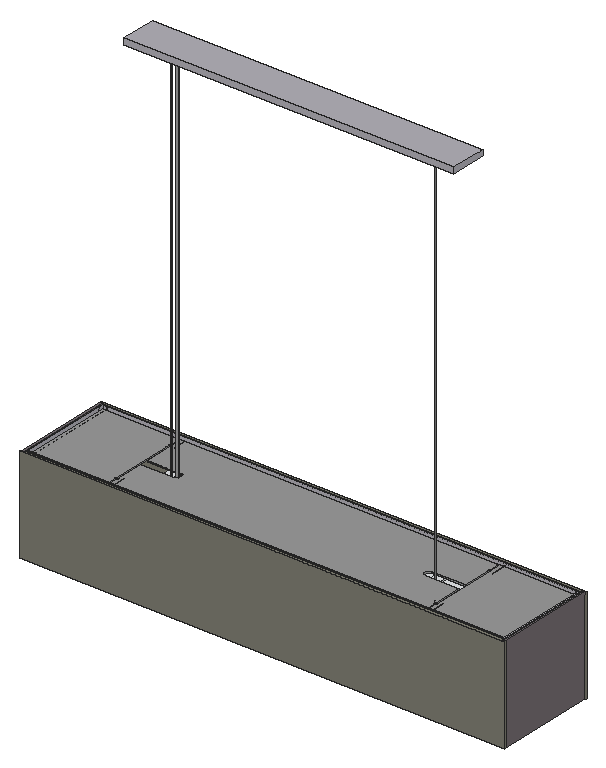
Revit family "Lighting - Lumetta - Pendant - P1260A", category Lighting Fixtures, host Ceiling, Revit 2015
Parameters
  Wattage = 12.1178 W
  built-in parameter 1150110 = 1 (stored number, unit not read)
  URL = "https://lumetta.com/luminaires/linear-acoustic-streamline-60-pendant/"
  built-in parameter 1114217 = 1 (stored number, unit not read)
  Top Lens-Material [instance] = Acrylic - 2447 - White
  Top Lens [instance] = yes
  built-in parameter 1150109 = 1 (stored number, unit not read)
  built-in parameter 1150134 = (empty or 0)
  Suspension [instance] = 1
  built-in parameter 1150113 = 1 (stored number, unit not read)
  P1260AURL [instance] = "https://lumetta.com/luminaires/linear-acoustic-streamline-60-pendant/"
  P1260A [instance] = no
  Model = "P1260A"  # constant formula
  Manufacturer = "Lumetta, Inc."  # constant formula
  Lumens = 1800 lm
  built-in parameter 1150115 = 1 (stored number, unit not read)
  built-in parameter 1150105 = 143.24 (stored number, unit not read)
  Light Source Symbol Size = 0' - 1"
  built-in parameter 1150137 = (empty or 0)
  built-in parameter 1150139 = (empty or 0)
  built-in parameter 1150112 = 1 (stored number, unit not read)
  built-in parameter 1150114 = 1 (stored number, unit not read)
  built-in parameter 1150132 = 2
  built-in parameter 1150102 = (empty or 0)
  built-in parameter 1150138 = (empty or 0)
  built-in parameter 1150107 = 3000 (stored number, unit not read)
  built-in parameter 1150106 = 1.4324 (stored number, unit not read)
  Frame Finish [instance] = Paint - Lumetta - F02 - PC_Chrome
  Fixture Drop [instance] = 4' - 0"
  Emit from Line Length = 2' - 10"
  built-in parameter 1150104 = 13.8 (stored number, unit not read)
  Dimming Lamp Color Temperature Shift = (empty or 0)
  Diffuser Material-Shade 2 [instance] = Shade - Lumetta - D810-AC-Purple
  Diffuser Material-Shade 1 [instance] = Shade - Lumetta - D815-AC-Pear
  Description = "Linear Acoustic Streamline 60'' Pendant"  # constant formula
  Coupling-Stems over 60 inches [instance] = and([2 Stems], Fixture Drop > 5' 0")  # no
  Cord Color [instance] = Cord, Black
  Cone Nut-STD-2-3Wire [instance] = Suspension = 1  # yes
  Color Filter = 16777215
  Bushing-LED-4Wire [instance] = Suspension = 2  # no
  Bottom Lens-Material [instance] = Acrylic - P95 - Etched White
  Bottom Lens [instance] = yes
  built-in parameter 1114218 = 1 (stored number, unit not read)
  built-in parameter 1150133 = 10 (stored number, unit not read)
  2 Stems [instance] = Suspension = 3  # no
  1CRD-2CBL-LED-4Wire [instance] = or(Suspension = 1, Suspension = 2)  # yes
  1 CRD-2CBL-STD [instance] = or(Suspension = 1, Suspension = 2)  # yes
Reference planes (in)
  plane 1 "Light Source Axis (F/B)": y = 0
  plane 2 "Ceiling": z = 96.01773
  plane 3 "Light Source Axis (L/R)": x = 0
  plane 4 "Light Source Elevation": z = 45.39273
  plane 5 "Fixture-Top": z = 48.01773
  plane 6 "Fixture-Height-DIFF-DIFI": z = 36.01773
  plane 7 "Left-Wrap": x = -20
  plane 8 "Right-Wrap": x = 20
  plane 9 "Lamping Start": z = 47.38052
  plane 10 "Left Stem": x = -17.25
  plane 11 "Right Stem": x = 17.25
  plane 12: x = -15.75
  plane 13: x = 15.75
  plane 14 "Right XBar": x = 20
  plane 15 "Left XBar": x = -20
  plane 16 "Left Cable": x = -16.5
  plane 17 "Right Cable": x = 16.5
  plane 18 "Frame Length-Left": x = -30
  plane 19 "Frame Length-Right": x = 30
  plane 20 "Frame Width-TOP": y = 6
  plane 21 "Frame Width-BTM": y = -6
  plane 22 "Outer Frame-Left": x = -42
  plane 23 "Outer Frame-Right": x = 42
  plane 24 "Outer Frame-Top": y = 18
  plane 25 "Outer Frame-BTM": y = -18
Forms (in)
  Extrusion 1, solid, material "Paint - Lumetta - F02 - PC_Chrome" <- "Frame Finish"
    sketch origin (0, 0, 96.01773) x (1, 0, 0) y (0, 1, 0)
      loop
        line (-20.625, -2.25) -> (20.625, -2.25) -> (20.625, 2.25) -> (-20.625, 2.25) -> (-20.625, -2.25)
    from 0 to -0.75
  Extrusion 2, solid, material "Paint - Lumetta - F02 - PC_Chrome" <- "Frame Finish"
    sketch origin (0, 0, 48.01773) x (0, -1, 0) y (1, 0, 0)
      loop
        line (-6, -30) -> (6, -30) -> (6, 30) -> (-6, 30) -> (-6, -30)
      loop
        line (-5.5, -29.5) -> (5.5, -29.5) -> (5.5, 29.5) -> (-5.5, 29.5) -> (-5.5, -29.5)
    from 0 to -0.63721
  Extrusion 3, void
    sketch origin (0, 0, 48.01773) x (0, -1, 0) y (1, 0, 0)
      loop
        line (-5.875, -29.875) -> (5.875, -29.875) -> (5.875, 29.875) -> (-5.875, 29.875) -> (-5.875, -29.875)
      loop
        line (-5.5, -29.375) -> (5.5, -29.375) -> (5.5, 29.375) -> (-5.5, 29.375) -> (-5.5, -29.375)
    from 0 to -0.51221
  Extrusion 4, solid, material "Paint - Lumetta - F02 - PC_Chrome" <- "Frame Finish"
    sketch origin (0, 0, 36.01773) x (-1, 0, 0) y (0, -1, 0)
      loop
        line (30, -6) -> (30, 6) -> (-30, 6) -> (-30, -6) -> (30, -6)
      loop
        line (29.5, -5.5) -> (29.5, 5.5) -> (-29.5, 5.5) -> (-29.5, -5.5) -> (29.5, -5.5)
    from 0 to 0.61415
  Extrusion 5, void
    sketch origin (0, 0, 36.01773) x (-1, 0, 0) y (0, -1, 0)
      loop
        line (29.875, -5.875) -> (29.875, 5.875) -> (-29.875, 5.875) -> (-29.875, -5.875) -> (29.875, -5.875)
      loop
        line (29.375, -5.5) -> (29.375, 5.5) -> (-29.5, 5.5) -> (-29.5, -5.5) -> (29.375, -5.5)
    from 0.11313 to 0.64163
  Extrusion 6, solid, material "Paint - Lumetta - F02 - PC_Chrome" <- "Frame Finish"
    sketch origin (0, 0, 36.01773) x (0, -1, 0) y (1, 0, 0)
      loop
        line (-6, 30) -> (-6, 29.375) -> (-5.875, 29.375) -> (-5.875, 29.875) -> (-5.375, 29.875) -> (-5.375, 30) -> (-6, 30)
      loop
        line (-6, -30) -> (-5.375, -30) -> (-5.375, -29.875) -> (-5.875, -29.875) -> (-5.875, -29.375) -> (-6, -29.375) -> (-6, -30)
      loop
        line (6, -30) -> (6, -29.375) -> (5.875, -29.375) -> (5.875, -29.875) -> (5.375, -29.875) -> (5.375, -30) -> (6, -30)
      loop
        line (6, 30) -> (5.375, 30) -> (5.375, 29.875) -> (5.875, 29.875) -> (5.875, 29.375) -> (6, 29.375) -> (6, 30)
    from 0 to 12
  Extrusion 7, solid, material "Paint - Lumetta - F02 - PC_Chrome" <- "Frame Finish"
    sketch origin (0, 0, 48.01773) x (0, -1, 0) y (1, 0, 0)
      loop
        line (-3.7499, -20.5) -> (-3.7499, -19.5) -> (-5.9219, -19.5) -> (-5.9219, -20.5) -> (-3.7499, -20.5)
      loop
        line (-3.7499, 20.5) -> (-5.9219, 20.5) -> (-5.9219, 19.5) -> (-3.7499, 19.5) -> (-3.7499, 20.5)
      loop
        circle (-4.2499, -20) r 0.10889
      loop
        circle (-4.2499, 20) r 0.10785
      loop
        line (3.7499, -20.5) -> (5.9219, -20.5) -> (5.9219, -19.5) -> (3.7499, -19.5) -> (3.7499, -20.5)
      loop
        line (3.7499, 20.5) -> (3.7499, 19.5) -> (5.9219, 19.5) -> (5.9219, 20.5) -> (3.7499, 20.5)
      loop
        circle (4.2499, -20) r 0.10889
      loop
        circle (4.2499, 20) r 0.10785
    from -0.4375 to -0.5
  Extrusion 8, solid, material "Paint - Lumetta - F02 - PC_Chrome" <- "Frame Finish"
    sketch origin (0, 0, 96.01773) x (1, 0, 0) y (0, 1, 0)
      loop
        circle (-12, 0) r 0.31122
      loop
        circle (12, 0) r 0.31356
    from -0.8125 to -1.1875
  Extrusion 9, solid, material "Paint - Lumetta - F02 - PC_Chrome" <- "Frame Finish", visible <- "2 Stems"
    sketch origin (18, 0.5, 96.01773) x (1, 0, 0) y (0, 1, 0)
      loop
        line (-38.75, -2.875) -> (2.75, -2.875) -> (2.75, 1.875) -> (-38.75, 1.875) -> (-38.75, -2.875)
    from -0.8125 to -0.75
  Revolve 10, solid, material "Paint - Lumetta - F02 - PC_Chrome" <- "Frame Finish", visible <- "Cone Nut-STD-2-3Wire"
    sketch origin (0, 0, 0) x (1, 0, 0) y (0, 0, 1)
      loop
        line (-15.75, 95.20523) -> (-15.75, 94.70523) -> (-15.46878, 94.70523) -> (-15.37659, 95.20523) -> (-15.75, 95.20523)
      axis (-15.75, 94.70523) -> (-15.75, 95.20523)
    angle from 0 to 360
  Extrusion 11, solid, material "Paint - Lumetta - F11 - PC_White"
    sketch origin (0, 0, 24.01773) x (0, -1, 0) y (1, 0, 0)
      loop
        line (-4.88315, -17.3125) -> (4.86685, -17.3125) -> (4.86685, -16.0625) -> (-4.88315, -16.0625) -> (-4.88315, -17.3125)
      loop
        line (-4.88315, 16.0625) -> (4.86685, 16.0625) -> (4.86685, 17.3125) -> (-4.88315, 17.3125) -> (-4.88315, 16.0625)
      loop
        circle (-4.25033, -20) r 0.10889
      loop
        circle (4.25033, -20) r 0.10889
      loop
        circle (4.2499, 20) r 0.10785
      loop
        circle (-4.2499, 20) r 0.10785
    from 23.36279 to 23.24028
  Extrusion 12, solid, material "Paint - Lumetta - F11 - PC_White"
    sketch origin (0, 0, 47.38052) x (-1, 0, 0) y (0, -1, 0)
      loop
        line (17.29, -1.54) -> (17.29, 1.54) -> (-19.93, 1.54) -> (-19.93, -1.54) -> (17.29, -1.54)
    from -0.1225 to -1.375
  Extrusion 13, solid, material "Cord, Black" <- "Cord Color", visible <- "1 CRD-2CBL-STD"
    sketch origin (0, 0, 96.01773) x (1, 0, 0) y (0, 1, 0)
      loop
        circle (-15.75, 0) r 0.1566
    from -0.75 to -48.63721
  Extrusion 14, solid, material "Steel, Galvanized", visible <- "1 CRD-2CBL-STD"
    sketch origin (0, 0, 96.01773) x (1, 0, 0) y (0, 1, 0)
      loop
        circle (-16.5, 0) r 0.03252
      loop
        circle (16.5, 0) r 0.03265
    from -0.75 to -48.63721
  Extrusion 15, solid, material "Paint - Lumetta - F02 - PC_Chrome" <- "Frame Finish", visible <- "2 Stems"
    sketch origin (0, 0, 96.01773) x (1, 0, 0) y (0, 1, 0)
      loop
        circle (-17.25, 0) r 0.25
      loop
        circle (17.25, 0) r 0.25
    from 0 to -48.63721
  Revolve 16, solid, material "Paint - Lumetta - F02 - PC_Chrome" <- "Frame Finish", visible <- "2 Stems"
    sketch origin (0, 0, 0) x (1, 0, 0) y (0, 0, 1)
      loop
        line (-17.25, 95.04898) -> (-16.95148, 95.04898)
        arc (-16.95148, 95.04898) -> (-16.71866, 95.4096) -> (-16.64788, 95.83298) r 1.06037
        line (-16.64788, 95.83298) -> (-17.25, 95.83298) -> (-17.25, 95.04898)
      axis (-17.25, 95.04898) -> (-17.25, 95.83298)
    angle from 0 to 360
  Revolve 17, solid, material "Paint - Lumetta - F02 - PC_Chrome" <- "Frame Finish", visible <- "Coupling-Stems over 60 inches"
    sketch origin (0, 0, 0) x (1, 0, 0) y (0, 0, 1)
      loop
        line (-17.25, 108.01773) -> (-16.95764, 108.01773)
        arc (-16.95764, 108.01773) -> (-16.90786, 108.0585) -> (-16.93801, 108.11534) r 0.05078
        arc (-16.93801, 108.11534) -> (-16.90686, 108.28335) -> (-16.93801, 108.45137) r 0.46875
        arc (-16.93801, 108.45137) -> (-16.90786, 108.50821) -> (-16.95764, 108.54898) r 0.05078
        line (-16.95764, 108.54898) -> (-17.25, 108.54898) -> (-17.25, 108.01773)
      axis (-17.25, 108.01773) -> (-17.25, 108.54898)
    angle from 0 to 360
  Revolve 18, solid, material "Paint - Lumetta - F02 - PC_Chrome" <- "Frame Finish", visible <- "Coupling-Stems over 60 inches"
    sketch origin (0, 0, 0) x (-1, 0, 0) y (0, 0, 1)
      loop
        line (-17.25, 108.01773) -> (-16.9562, 108.01773)
        arc (-16.9562, 108.01773) -> (-16.90642, 108.0585) -> (-16.93657, 108.11534) r 0.05078
        arc (-16.93657, 108.11534) -> (-16.90542, 108.28335) -> (-16.93657, 108.45137) r 0.46875
        arc (-16.93657, 108.45137) -> (-16.90642, 108.50821) -> (-16.9562, 108.54898) r 0.05078
        line (-16.9562, 108.54898) -> (-17.25, 108.54898) -> (-17.25, 108.01773)
      axis (-17.25, 108.01773) -> (-17.25, 108.54898)
    angle from 0 to 360
  Revolve 19, solid, material "Paint - Lumetta - F02 - PC_Chrome" <- "Frame Finish", visible <- "2 Stems"
    sketch origin (0, 0, 0) x (-1, 0, 0) y (0, 0, 1)
      loop
        line (-17.25, 95.04898) -> (-16.95148, 95.04898)
        arc (-16.95148, 95.04898) -> (-16.70187, 95.31397) -> (-16.64788, 95.67398) r 0.60938
        line (-16.64788, 95.67398) -> (-17.25, 95.67398) -> (-17.25, 95.04898)
      axis (-17.25, 95.04898) -> (-17.25, 95.67398)
    angle from 0 to 360
  Extrusion 20, solid, material "Paint - Lumetta - F02 - PC_Chrome" <- "Frame Finish", visible <- "Bushing-LED-4Wire"
    sketch origin (0, 0, 96.01773) x (1, 0, 0) y (0, 1, 0)
      loop
        circle (-15.75, 0) r 0.37341
      loop
        circle (-15.75, 0) r 0.25
    from -0.91406 to -0.8125
  Extrusion 21, solid, material "Acrylic - 2447 - White" <- "Top Lens-Material", visible <- "Top Lens"
    sketch origin (0, 0, 48.01773) x (0, -1, 0) y (1, 0, 0)
      loop
        line (-5.75, -29.75) -> (5.75, -29.75) -> (5.75, -20.0625) -> (4.42172, -20.0625)
        arc (4.42172, -20.0625) -> (4.25, -20.18274) -> (4.07828, -20.0625) r 0.18274
        line (4.07828, -20.0625) -> (-4.07828, -20.0625)
        arc (-4.07828, -20.0625) -> (-4.25, -20.18274) -> (-4.42172, -20.0625) r 0.18274
        line (-4.42172, -20.0625) -> (-5.75, -20.0625) -> (-5.75, -29.75)
      loop
        line (-5.75, -19.9375) -> (-4.42172, -19.9375)
        arc (-4.42172, -19.9375) -> (-4.25, -19.81726) -> (-4.07828, -19.9375) r 0.18274
        line (-4.07828, -19.9375) -> (-0.5, -19.9375) -> (-0.5, -15.75)
        arc (-0.5, -15.75) -> (0, -15.25) -> (0.5, -15.75) r 0.5
        line (0.5, -15.75) -> (0.5, -19.9375) -> (4.07828, -19.9375)
        arc (4.07828, -19.9375) -> (4.25, -19.81726) -> (4.42172, -19.9375) r 0.18274
        line (4.42172, -19.9375) -> (5.75, -19.9375) -> (5.75, 19.9375) -> (4.42172, 19.9375)
        arc (4.42172, 19.9375) -> (4.25, 19.81726) -> (4.07828, 19.9375) r 0.18274
        line (4.07828, 19.9375) -> (0.5, 19.9375) -> (0.5, 15.75)
        arc (0.5, 15.75) -> (0, 15.25) -> (-0.5, 15.75) r 0.5
        line (-0.5, 15.75) -> (-0.5, 19.9375) -> (-4.07828, 19.9375)
        arc (-4.07828, 19.9375) -> (-4.25, 19.81726) -> (-4.42172, 19.9375) r 0.18274
        line (-4.42172, 19.9375) -> (-5.75, 19.9375) -> (-5.75, -19.9375)
      loop
        line (-5.75, 29.75) -> (-5.75, 20.0625) -> (-4.42172, 20.0625)
        arc (-4.42172, 20.0625) -> (-4.25, 20.18274) -> (-4.07828, 20.0625) r 0.18274
        line (-4.07828, 20.0625) -> (4.07828, 20.0625)
        arc (4.07828, 20.0625) -> (4.25, 20.18274) -> (4.42172, 20.0625) r 0.18274
        line (4.42172, 20.0625) -> (5.75, 20.0625) -> (5.75, 29.75) -> (-5.75, 29.75)
    from -0.51221 to -0.38301
  Extrusion 22, solid, material "Acrylic - P95 - Etched White" <- "Bottom Lens-Material", visible <- "Bottom Lens"
    sketch origin (0, 0, 36.01773) x (-1, 0, 0) y (0, -1, 0)
      loop
        line (29.75, -5.75) -> (29.75, 5.75) -> (-29.75, 5.75) -> (-29.75, -5.75) -> (29.75, -5.75)
    from 0.0625 to 0.1875
  Extrusion 23, solid, material "Shade - Lumetta - D815-AC-Pear" <- "Diffuser Material-Shade 1"
    sketch origin (0, 0, 48.01773) x (0, -1, 0) y (1, 0, 0)
      loop
        line (-6.375, -30.375) -> (-6.1875, -30.375) -> (-6.1875, -30) -> (-6, -30) -> (-6, 30) -> (-6.1875, 30) -> (-6.1875, 30.375) -> (-6.375, 30.375) -> (-6.375, -30.375)
      loop
        line (6.375, -30.375) -> (6.375, 30.375) -> (6.1875, 30.375) -> (6.1875, 30) -> (6, 30) -> (6, -30) -> (6.1875, -30) -> (6.1875, -30.375) -> (6.375, -30.375)
    from -12 to 0
  Extrusion 24, solid, material "Shade - Lumetta - D810-AC-Purple" <- "Diffuser Material-Shade 2"
    sketch origin (0, 0, 48.01773) x (0, -1, 0) y (1, 0, 0)
      loop
        line (-6.1875, -30.375) -> (6.1875, -30.375) -> (6.1875, -30) -> (-6.1875, -30) -> (-6.1875, -30.375)
      loop
        line (-6.1875, 30.375) -> (-6.1875, 30) -> (6.1875, 30) -> (6.1875, 30.375) -> (-6.1875, 30.375)
    from -12 to 0
Cuts and joins
  Extrusion 3, Extrusion 5 cuts Extrusion 2
  Extrusion 5 cuts Extrusion 4
Dimensions and locks (in)
  equal spacing: host sketch curve, plane 3 "Light Source Axis (L/R)", host sketch curve
  equal spacing: host sketch curve, plane 1 "Light Source Axis (F/B)", host sketch curve
  host sketch curve to host sketch curve = 10' - 0"  (x2)
  locked: plane 5 "Fixture-Top" to plane 4 "Light Source Elevation" at 2.625
  "Fixture Drop": plane 2 "Ceiling" to plane 5 "Fixture-Top"
  plane 5 "Fixture-Top" to plane 6 "Fixture-Height-DIFF-DIFI" = 1' - 0"
  locked: Extrusion 9 to Revolve 10 sketch curve at 0.5
  Extrusion 11 sketch curve to plane 3 "Light Source Axis (L/R)" = 1' - 4 1/16"
  plane 3 "Light Source Axis (L/R)" to Extrusion 11 sketch curve = 1' - 4 1/16"
  Extrusion 11 sketch curve to Extrusion 11 sketch curve = 0' - 1 1/4"  (x2)
  plane 1 "Light Source Axis (F/B)" to Extrusion 11 sketch curve = 0' - 4.88315"
  Extrusion 11 sketch curve to Extrusion 11 sketch curve = 0' - 9 3/4"
  locked: Extrusion 12 sketch curve to plane 3 "Light Source Axis (L/R)" at 17.29
  locked: imposter light to Extrusion 12 sketch curve at 1.54
  locked: plane 3 "Light Source Axis (L/R)" to Extrusion 12 sketch curve at 19.93
  locked: plane 1 "Light Source Axis (F/B)" to Extrusion 12 sketch curve at 1.54
  locked: Extrusion 9 to Revolve 16 sketch curve at 0.15625
  Revolve 17 sketch curve to level = 9' - 0.01773"
  locked: Revolve 17 sketch curve to Revolve 17 sketch curve at 0.53125
  locked: Revolve 17 sketch curve to Revolve 17 sketch curve at 0.26563
  locked: Revolve 17 sketch curve to Revolve 17 sketch curve at 0.05078  (x2)
  locked: Revolve 18 sketch curve to Revolve 18 sketch curve at 0.53125
  locked: Revolve 18 sketch curve to Revolve 18 sketch curve at 0.26563
  locked: Revolve 18 sketch curve to Revolve 18 sketch curve at 0.05078  (x2)
  locked: Extrusion 20 sketch curve to plane 3 "Light Source Axis (L/R)" at 15.75  (x2)
  locked: Revolve 18 sketch curve to plane 5 "Fixture-Top" at 60
  locked: Revolve 17 sketch curve to plane 5 "Fixture-Top" at 60
  plane 5 "Fixture-Top" to plane 9 "Lamping Start" = 0' - 0.63721"
  locked: plane 9 "Lamping Start" to Extrusion 12 at 1.375
  locked: cut or joined group of Extrusion 4, Extrusion 5 to plane 6 "Fixture-Height-DIFF-DIFI" at 0.11313
  locked: cut or joined group of Extrusion 4, Extrusion 5 to plane 6 "Fixture-Height-DIFF-DIFI" at 0.61415
  cut or joined group of Extrusion 2, Extrusion 3, Extrusion 5 to plane 9 "Lamping Start" = 0' - 0 1/8"
  locked: Extrusion 21 to cut or joined group of Extrusion 2, Extrusion 3, Extrusion 5 at 0.1292
  equal spacing: Extrusion 14 sketch curve, plane 3 "Light Source Axis (L/R)", Extrusion 14 sketch curve
  plane 3 "Light Source Axis (L/R)" to Revolve 10 sketch curve = 1' - 3 3/4"
  equal spacing: Extrusion 8 sketch curve, plane 3 "Light Source Axis (L/R)", Extrusion 8 sketch curve
  Extrusion 8 sketch curve to Extrusion 8 sketch curve = 2' - 0"
  equal spacing: Extrusion 21 sketch curve, plane 3 "Light Source Axis (L/R)", Extrusion 21 sketch curve
  locked: Extrusion 13 sketch curve to plane 3 "Light Source Axis (L/R)" at 15.75
  plane 3 "Light Source Axis (L/R)" to Extrusion 15 sketch curve = 1' - 5 1/4"
  plane 3 "Light Source Axis (L/R)" to Revolve 18 sketch curve = 1' - 5 1/4"
  locked: Revolve 16 sketch curve to plane 10 "Left Stem" at 0
  locked: Revolve 16 sketch curve to Revolve 16 sketch curve at 0.45748
  locked: plane 11 "Right Stem" to Revolve 19 sketch curve at 0  (x2)
  locked: Revolve 19 sketch curve to plane 11 "Right Stem" at 0
  locked: Revolve 17 sketch curve to plane 10 "Left Stem" at 0  (x2)
  locked: Revolve 17 sketch curve to plane 10 "Left Stem" at 0.29236  (x2)
  locked: plane 10 "Left Stem" to Revolve 17 sketch curve at 0.12561
  locked: Revolve 18 sketch curve to plane 11 "Right Stem" at 0  (x2)
  locked: plane 11 "Right Stem" to Revolve 18 sketch curve at 0.2938  (x2)
  locked: Revolve 18 sketch curve to plane 11 "Right Stem" at 0.12417
  locked: plane 12 to Revolve 10 sketch curve at 0
  Revolve 10 sketch curve to plane 12 = 0' - 0"
  locked: Revolve 10 sketch curve to plane 12 at 0.37341
  locked: Revolve 10 sketch curve to plane 12 at 0.28122
  locked: plane 3 "Light Source Axis (L/R)" to plane 12 at 15.75
  equal spacing: plane 13, plane 3 "Light Source Axis (L/R)", plane 12
  locked: Extrusion 21 sketch curve to plane 3 "Light Source Axis (L/R)" at 15.75
  locked: plane 9 "Lamping Start" to Extrusion 12 at 0.1225
  equal spacing: plane 15 "Left XBar", plane 3 "Light Source Axis (L/R)", plane 14 "Right XBar"
  locked: plane 15 "Left XBar" to plane 14 "Right XBar" at 40
  equal spacing: plane 16 "Left Cable", plane 3 "Light Source Axis (L/R)", plane 17 "Right Cable"
  locked: plane 16 "Left Cable" to plane 17 "Right Cable" at 33
  locked: Extrusion 14 sketch curve to plane 16 "Left Cable" at 0
  equal spacing: plane 7 "Left-Wrap", plane 3 "Light Source Axis (L/R)", plane 8 "Right-Wrap"
  plane 7 "Left-Wrap" to plane 8 "Right-Wrap" = 3' - 4"
  equal spacing: plane 10 "Left Stem", plane 3 "Light Source Axis (L/R)", plane 11 "Right Stem"
  locked: plane 10 "Left Stem" to plane 11 "Right Stem" at 34.5
  equal spacing: plane 18 "Frame Length-Left", plane 3 "Light Source Axis (L/R)", plane 19 "Frame Length-Right"
  locked: plane 18 "Frame Length-Left" to plane 19 "Frame Length-Right" at 60
  equal spacing: plane 20 "Frame Width-TOP", plane 1 "Light Source Axis (F/B)", plane 21 "Frame Width-BTM"
  locked: plane 20 "Frame Width-TOP" to plane 21 "Frame Width-BTM" at 12
  equal spacing: plane 22 "Outer Frame-Left", plane 3 "Light Source Axis (L/R)", plane 23 "Outer Frame-Right"
  equal spacing: plane 25 "Outer Frame-BTM", plane 1 "Light Source Axis (F/B)", plane 24 "Outer Frame-Top"
  locked: plane 22 "Outer Frame-Left" to plane 23 "Outer Frame-Right" at 84
  locked: plane 24 "Outer Frame-Top" to plane 25 "Outer Frame-BTM" at 36
  locked: Extrusion 6 sketch curve to plane 18 "Frame Length-Left" at 0  (x2)
  locked: Extrusion 6 sketch curve to plane 20 "Frame Width-TOP" at 0  (x2)
  locked: Extrusion 6 sketch curve to plane 21 "Frame Width-BTM" at 0  (x2)
  locked: Extrusion 6 sketch curve to plane 19 "Frame Length-Right" at 0  (x2)
  locked: Extrusion 6 sketch curve to plane 19 "Frame Length-Right" at 0.625  (x2)
  locked: Extrusion 6 sketch curve to plane 20 "Frame Width-TOP" at 0.625
  locked: Extrusion 6 sketch curve to plane 21 "Frame Width-BTM" at 0.625
  locked: plane 18 "Frame Length-Left" to Extrusion 6 sketch curve at 0.625  (x2)
  locked: plane 20 "Frame Width-TOP" to Extrusion 6 sketch curve at 0.625
  locked: plane 21 "Frame Width-BTM" to Extrusion 6 sketch curve at 0.625
  locked: plane 19 "Frame Length-Right" to Extrusion 2 sketch curve
  locked: Extrusion 2 sketch curve to plane 20 "Frame Width-TOP" at 0
  locked: Extrusion 2 sketch curve to plane 21 "Frame Width-BTM" at 0
  locked: plane 18 "Frame Length-Left" to Extrusion 5 sketch curve at 0.125
  locked: Extrusion 5 sketch curve to Extrusion 5 sketch curve at 0.5
  locked: Extrusion 5 sketch curve to plane 19 "Frame Length-Right" at 0.125
  locked: Extrusion 5 sketch curve to plane 19 "Frame Length-Right" at 0.5
  locked: plane 18 "Frame Length-Left" to Extrusion 2 sketch curve
  locked: Extrusion 2 sketch curve to Extrusion 2 sketch curve at 0.5
  locked: plane 18 "Frame Length-Left" to Extrusion 3 sketch curve at 0.125
  locked: Extrusion 3 sketch curve to Extrusion 3 sketch curve at 0.5  (x2)
  locked: Extrusion 3 sketch curve to plane 19 "Frame Length-Right" at 0.125
  locked: plane 18 "Frame Length-Left" to Extrusion 4 sketch curve
  locked: Extrusion 4 sketch curve to Extrusion 4 sketch curve at 0.5  (x2)
  locked: Extrusion 4 sketch curve to plane 19 "Frame Length-Right"
  locked: Extrusion 22 sketch curve to plane 19 "Frame Length-Right" at 0.25
  locked: Extrusion 22 sketch curve to plane 20 "Frame Width-TOP" at 0.25
  locked: Extrusion 22 sketch curve to plane 21 "Frame Width-BTM" at 0.25
  locked: plane 18 "Frame Length-Left" to Extrusion 22 sketch curve at 0.25
  locked: plane 18 "Frame Length-Left" to Extrusion 21 sketch curve at 0.25
  locked: Extrusion 21 sketch curve to plane 20 "Frame Width-TOP" at 0.25  (x2)
  locked: Extrusion 21 sketch curve to plane 21 "Frame Width-BTM" at 0.25  (x2)
  locked: plane 20 "Frame Width-TOP" to Extrusion 21 sketch curve at 0.25
  locked: plane 21 "Frame Width-BTM" to Extrusion 21 sketch curve at 0.25
  locked: Extrusion 21 sketch curve to plane 19 "Frame Length-Right" at 0.25
  equal spacing: Extrusion 9 sketch curve, plane 1 "Light Source Axis (F/B)", Extrusion 9 sketch curve
  equal spacing: Extrusion 9 sketch curve, plane 3 "Light Source Axis (L/R)", Extrusion 9 sketch curve
  locked: Extrusion 9 sketch curve to Extrusion 9 sketch curve at 41.5
  locked: Extrusion 9 sketch curve to Extrusion 9 sketch curve at 4.75
  locked: Extrusion 9 to Extrusion 1 sketch curve at 0.125  (x3)
  locked: Extrusion 1 sketch curve to Extrusion 9 at 0.125
  locked: Extrusion 7 sketch curve to Extrusion 7 sketch curve at 2.172  (x4)
  locked: Extrusion 7 sketch curve to Extrusion 7 sketch curve at 0.5  (x4)
  locked: Extrusion 7 sketch curve to plane 15 "Left XBar" at 0  (x2)
  locked: Extrusion 7 sketch curve to plane 14 "Right XBar" at 0  (x2)
  equal spacing: Extrusion 7 sketch curve, plane 15 "Left XBar", Extrusion 7 sketch curve  (x2)
  equal spacing: Extrusion 7 sketch curve, plane 14 "Right XBar", Extrusion 7 sketch curve  (x2)
  locked: Extrusion 7 sketch curve to plane 15 "Left XBar" at 0.5  (x2)
  locked: plane 14 "Right XBar" to Extrusion 7 sketch curve at 0.5  (x2)
  locked: Extrusion 7 sketch curve to plane 20 "Frame Width-TOP" at 0.0781
  locked: plane 21 "Frame Width-BTM" to Extrusion 7 sketch curve at 0.0781
  locked: Extrusion 7 sketch curve to plane 21 "Frame Width-BTM" at 0.0781
  locked: plane 20 "Frame Width-TOP" to Extrusion 7 sketch curve at 0.0781
  locked: Extrusion 11 sketch curve to plane 20 "Frame Width-TOP" at 1.11685  (x2)
  locked: Extrusion 11 sketch curve to plane 21 "Frame Width-BTM" at 1.13315  (x2)
  Extrusion 11 sketch curve to Extrusion 11 sketch curve = 0' - 0.61695"
  locked: Extrusion 11 sketch curve to plane 15 "Left XBar" at 0  (x2)
  locked: Extrusion 11 sketch curve to plane 14 "Right XBar" at 0
  locked: Extrusion 6 to plane 6 "Fixture-Height-DIFF-DIFI" at 0
  locked: Extrusion 15 sketch curve to plane 10 "Left Stem"
  locked: plane 11 "Right Stem" to Extrusion 15 sketch curve
  Extrusion 21 sketch curve to Extrusion 21 sketch curve = 0' - 8 1/2"  (x4)
  equal spacing: Extrusion 21 sketch curve, plane 1 "Light Source Axis (F/B)", Extrusion 21 sketch curve  (x3)
  equal spacing: Extrusion 21 sketch curve, imposter light, Extrusion 21 sketch curve
  equal spacing: Extrusion 11 sketch curve, plane 1 "Light Source Axis (F/B)", Extrusion 11 sketch curve
  locked: Extrusion 11 sketch curve to Extrusion 11 sketch curve at 0.63325
  equal spacing: Extrusion 11 sketch curve, imposter light, Extrusion 11 sketch curve
  locked: Extrusion 11 sketch curve to Extrusion 11 sketch curve at 0.63281
  locked: Extrusion 23 sketch curve to Extrusion 23 sketch curve at 0.375  (x6)
  locked: Extrusion 23 sketch curve to Extrusion 23 sketch curve at 0.1875  (x4)
  locked: plane 19 "Frame Length-Right" to Extrusion 23 sketch curve
  locked: Extrusion 23 sketch curve to plane 18 "Frame Length-Left"
  locked: Extrusion 23 sketch curve to plane 20 "Frame Width-TOP" at 0
  aligned and locked: plane 3 "Light Source Axis (L/R)" to imposter light
  aligned and locked: plane 1 "Light Source Axis (F/B)" to imposter light
  aligned and locked: plane 4 "Light Source Elevation" to imposter light
  aligned and locked: Extrusion 13 to Extrusion 1
  aligned and locked: plane 2 "Ceiling" to Extrusion 15
  aligned and locked: Extrusion 13 to plane 9 "Lamping Start"
  aligned and locked: Extrusion 14 to plane 9 "Lamping Start"
  aligned and locked: Extrusion 15 to Extrusion 13
  aligned and locked: Extrusion 4 to plane 6 "Fixture-Height-DIFF-DIFI"
  aligned and locked: cut or joined group of Extrusion 2, Extrusion 3, Extrusion 5 to Extrusion 5 sketch curve  (x2)
  aligned and locked: cut or joined group of Extrusion 2, Extrusion 3, Extrusion 5 to Extrusion 21
  aligned and locked: Extrusion 2 to plane 9 "Lamping Start"
  aligned and locked: Extrusion 11 to Extrusion 12
  aligned and locked: Extrusion 11 to cut or joined group of Extrusion 2, Extrusion 3, Extrusion 5
  aligned and locked: Extrusion 6 to plane 5 "Fixture-Top"
  aligned and locked: Extrusion 23 to plane 5 "Fixture-Top"
  aligned and locked: Extrusion 23 to cut or joined group of Extrusion 4, Extrusion 5
  aligned and locked: Extrusion 24 to plane 5 "Fixture-Top"
  aligned and locked: Extrusion 24 to cut or joined group of Extrusion 4, Extrusion 5
Automatic sketch dimensions
  plane 1 "Light Source Axis (F/B)" to Extrusion 13 sketch curve = 0' - 0"
  plane 1 "Light Source Axis (F/B)" to Extrusion 14 sketch curve = 0' - 0"  (x2)
  plane 1 "Light Source Axis (F/B)" to Extrusion 15 sketch curve = 0' - 0"  (x2)
  Extrusion 20 sketch curve to Extrusion 20 sketch curve = 0' - 0"
  plane 1 "Light Source Axis (F/B)" to Extrusion 20 sketch curve = 0' - 0"
  Extrusion 6 sketch curve to plane 20 "Frame Width-TOP" = 0' - 0 1/8"  (x2)
  plane 21 "Frame Width-BTM" to Extrusion 6 sketch curve = 0' - 0 1/8"  (x2)
  plane 18 "Frame Length-Left" to Extrusion 6 sketch curve = 0' - 0 1/8"  (x2)
  Extrusion 6 sketch curve to plane 19 "Frame Length-Right" = 0' - 0 1/8"
  Extrusion 6 sketch curve to Extrusion 6 sketch curve = 0' - 0 1/8"
  Extrusion 2 sketch curve to plane 20 "Frame Width-TOP" = 0' - 0 1/2"
  plane 21 "Frame Width-BTM" to Extrusion 2 sketch curve = 0' - 0 1/2"
  Extrusion 2 sketch curve to plane 19 "Frame Length-Right" = 0' - 0 1/2"
  Extrusion 3 sketch curve to plane 20 "Frame Width-TOP" = 0' - 0 1/8"
  Extrusion 3 sketch curve to plane 20 "Frame Width-TOP" = 0' - 0 1/2"
  plane 21 "Frame Width-BTM" to Extrusion 3 sketch curve = 0' - 0 1/2"
  plane 21 "Frame Width-BTM" to Extrusion 3 sketch curve = 0' - 0 1/8"
  Extrusion 4 sketch curve to plane 20 "Frame Width-TOP" = 0' - 0"
  Extrusion 4 sketch curve to plane 21 "Frame Width-BTM" = 0' - 0"
  Extrusion 4 sketch curve to plane 20 "Frame Width-TOP" = 0' - 0 1/2"
  plane 21 "Frame Width-BTM" to Extrusion 4 sketch curve = 0' - 0 1/2"
  Extrusion 21 sketch curve to Extrusion 21 sketch curve = 0' - 0"  (x9)
  Extrusion 21 sketch curve to plane 15 "Left XBar" = 0' - 0"  (x2)
  Extrusion 21 sketch curve to plane 14 "Right XBar" = 0' - 0"  (x2)
  plane 1 "Light Source Axis (F/B)" to Extrusion 21 sketch curve = 0' - 0"  (x2)
  Extrusion 21 sketch curve to plane 14 "Right XBar" = 0' - 0 1/16"  (x4)
  Extrusion 21 sketch curve to plane 1 "Light Source Axis (F/B)" = 0' - 0 1/2"  (x2)
  plane 15 "Left XBar" to Extrusion 21 sketch curve = 0' - 0 1/16"  (x4)
  Extrusion 21 sketch curve to plane 15 "Left XBar" = 0' - 0 1/16"  (x3)
  Extrusion 21 sketch curve to Extrusion 21 sketch curve = 0' - 0.17172"  (x4)
  plane 14 "Right XBar" to Extrusion 21 sketch curve = 0' - 0 1/16"  (x2)
  Extrusion 11 sketch curve to plane 14 "Right XBar" = 0' - 0"
  plane 1 "Light Source Axis (F/B)" to Extrusion 8 sketch curve = 0' - 0"  (x2)
  Extrusion 5 sketch curve to plane 20 "Frame Width-TOP" = 0' - 0 1/8"
  plane 21 "Frame Width-BTM" to Extrusion 5 sketch curve = 0' - 0 1/8"
  Revolve 10 sketch curve to Revolve 10 sketch curve = 0' - 0 1/2"
  Revolve 10 sketch curve to Revolve 10 sketch curve = 0' - 0"
  plane 2 "Ceiling" to Revolve 10 sketch curve = 0' - 2 11/16"
  Revolve 16 sketch curve to plane 10 "Left Stem" = 0' - 0"
  Revolve 16 sketch curve to Revolve 16 sketch curve = 0' - 0.29852"
  Revolve 16 sketch curve to plane 16 "Left Cable" = 0' - 0.14788"
  Revolve 16 sketch curve to plane 2 "Ceiling" = 0' - 0.2252"
  Revolve 16 sketch curve to Revolve 16 sketch curve = 1' - 1 19/32"
  plane 2 "Ceiling" to Revolve 16 sketch curve = 0' - 2 15/16"
  Revolve 17 sketch curve to Revolve 17 sketch curve = 0' - 0.01964"
  Revolve 17 sketch curve to Revolve 17 sketch curve = 0' - 0"
  Revolve 17 sketch curve to Revolve 17 sketch curve = 0' - 4"
  Revolve 18 sketch curve to Revolve 18 sketch curve = 0' - 0.01964"
  Revolve 18 sketch curve to Revolve 18 sketch curve = 0' - 0"
  Revolve 18 sketch curve to Revolve 18 sketch curve = 0' - 4"
  plane 11 "Right Stem" to Revolve 19 sketch curve = 0' - 0.29852"
  Revolve 19 sketch curve to plane 17 "Right Cable" = 0' - 0.14788"
  plane 2 "Ceiling" to Revolve 19 sketch curve = 0' - 0 31/32"
  plane 2 "Ceiling" to Revolve 19 sketch curve = 0' - 0 7/16"
  Revolve 19 sketch curve to plane 2 "Ceiling" = 0' - 0.53351"
  Revolve 19 sketch curve to Revolve 19 sketch curve = 0' - 2.40399"
  Extrusion 23 sketch curve to plane 18 "Frame Length-Left" = 0' - 0"
  Extrusion 23 sketch curve to plane 21 "Frame Width-BTM" = 0' - 0"
  Extrusion 23 sketch curve to plane 19 "Frame Length-Right" = 0' - 0"
  Extrusion 24 sketch curve to plane 18 "Frame Length-Left" = 0' - 0"
  Extrusion 24 sketch curve to plane 19 "Frame Length-Right" = 0' - 0"
  plane 20 "Frame Width-TOP" to Extrusion 24 sketch curve = 0' - 0 3/16"  (x2)
  Extrusion 24 sketch curve to plane 21 "Frame Width-BTM" = 0' - 0 3/16"  (x2)
  Extrusion 24 sketch curve to plane 18 "Frame Length-Left" = 0' - 0 3/8"
  Extrusion 24 sketch curve to Extrusion 24 sketch curve = 0' - 0 3/8"
  radius of Extrusion 7 sketch curve = 0' - 0.10889"  (x2)
  radius of Extrusion 7 sketch curve = 0' - 0.10785"  (x2)
  radius of Extrusion 13 sketch curve = 0' - 0.1566"
  radius of Extrusion 14 sketch curve = 0' - 0.03252"
  radius of Extrusion 14 sketch curve = 0' - 0.03265"
  radius of Extrusion 15 sketch curve = 0' - 0 1/4"  (x2)
  radius of Extrusion 20 sketch curve = 0' - 0.37341"
  radius of Extrusion 20 sketch curve = 0' - 0 1/4"
  radius of Extrusion 11 sketch curve = 0' - 0.10889"  (x2)
  radius of Extrusion 11 sketch curve = 0' - 0.10785"  (x2)
  radius of Extrusion 8 sketch curve = 0' - 0.31122"
  radius of Extrusion 8 sketch curve = 0' - 0.31356"
